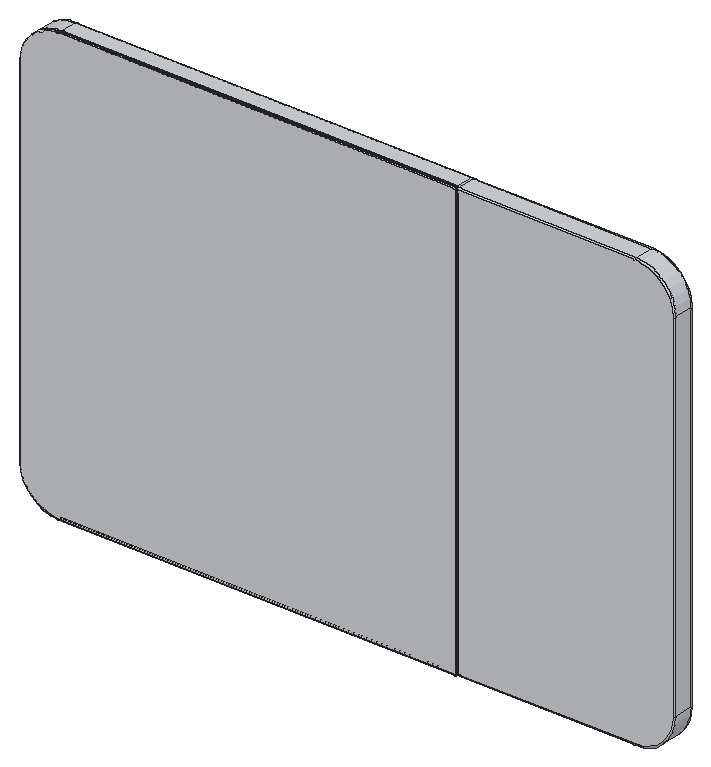
Revit family "70702", category Generic Models, Revit 2017
Family settings
  Can host rebar = No
  Round Connector Dimension = Use Diameter
  Part Type = Normal
  Work Plane-Based = No
  Always vertical = Yes
  Cut with Voids When Loaded = No
  Shared = No
  Room Calculation Point = No
Parameters
  Textile = none
  Glass = none
Reference planes
  plane 1 "Center (Front/Back)": y = 0
  plane 2: z = 0
  plane 3 "Center (Left/Right)": x = 0
  plane 4: z = 1000
  plane 5: x = -750
  plane 6: x = 750
  plane 7: x = -250
  plane 8: y = 50
  plane 9: y = 5
Forms (mm)
  Extrusion 1, solid, material <- "Textile", not visible
    sketch origin (0, 0, 0) x (1, 0, 0) y (0, 0, 1)
      loop
        arc (-660, 1000) -> (-723.64, 973.64) -> (-750, 910) r 90
        line (-750, 910) -> (-750, 90)
        arc (-750, 90) -> (-723.64, 26.36) -> (-660, 0) r 90
        line (-660, 0) -> (-250, 0) -> (-250, 1000) -> (-660, 1000)
    from -50 to 0
  Sweep 2, void, not visible
    path origin (0, 0, 0) x (1, 0, 0) y (0, 0, 1)
      loop
        line (-250, 1000) -> (-660, 1000)
        arc (-660, 1000) -> (-723.64, 973.64) -> (-750, 910) r 90
        line (-750, 910) -> (-750, 90)
        arc (-750, 90) -> (-723.64, 26.36) -> (-660, 0) r 90
        line (-660, 0) -> (-250, 0) -> (-250, 1000)
    profile origin (-455, 0, 1000) x (0, 0, -1) y (0, -1, 0)
      loop
        line (0, 0) -> (0, -3)
        arc (0, -3) -> (0.879, -0.879) -> (3, 0) r 3
        line (3, 0) -> (0, 0)
  Sweep 3, void, not visible
    path origin (-1625.009, 50, 1200) x (-1, 0, 0) y (0, 0, 1)
      loop
        line (-965.009, -200) -> (-1375.009, -200) -> (-1375.009, -1200) -> (-965.009, -1200)
        arc (-965.009, -1200) -> (-901.369, -1173.64) -> (-875.009, -1110) r 90
        line (-875.009, -1110) -> (-875.009, -290)
        arc (-875.009, -290) -> (-901.369, -226.36) -> (-965.009, -200) r 90
    profile origin (-455, 50, 1000) x (0, 0, -1) y (0, 1, 0)
      loop
        line (0, 0) -> (0, -3)
        arc (0, -3) -> (0.879, -0.879) -> (3, 0) r 3
        line (3, 0) -> (0, 0)
  Sweep 4, void, not visible
    path origin (-250, -1524, 1234.272) x (0, 0, 1) y (0, -1, 0)
      loop
        line (-234.272, -1524) -> (-1234.272, -1524) -> (-1234.272, -1574) -> (-234.272, -1574) -> (-234.272, -1524)
    profile origin (-250, 25, 1000) x (0, 0, 1) y (1, 0, 0)
      loop
        line (0, 0) -> (-3, 0)
        arc (-3, 0) -> (-0.879, -0.879) -> (0, -3) r 3
        line (0, -3) -> (0, 0)
  Extrusion 5, solid, material <- "Textile", not visible
    sketch origin (-1625.009, 50, 1200) x (-1, 0, 0) y (0, 0, 1)
      loop
        arc (-2285.009, -200) -> (-2348.649, -226.36) -> (-2375.009, -290) r 90
        line (-2375.009, -290) -> (-2375.009, -1110)
        arc (-2375.009, -1110) -> (-2348.649, -1173.64) -> (-2285.009, -1200) r 90
        line (-2285.009, -1200) -> (-1375.009, -1200) -> (-1375.009, -200) -> (-2285.009, -200)
    from -45 to 0
  Sweep 6, void, not visible
    path origin (-1625.009, 50, 1200) x (-1, 0, 0) y (0, 0, 1)
      loop
        line (-1375.009, -200) -> (-2285.009, -200)
        arc (-2285.009, -200) -> (-2348.649, -226.36) -> (-2375.009, -290) r 90
        line (-2375.009, -290) -> (-2375.009, -1110)
        arc (-2375.009, -1110) -> (-2348.649, -1173.64) -> (-2285.009, -1200) r 90
        line (-2285.009, -1200) -> (-1375.009, -1200) -> (-1375.009, -200)
    profile origin (205, 50, 1000) x (0, 0, -1) y (0, 1, 0)
      loop
        line (0, 0) -> (0, -3)
        arc (0, -3) -> (0.879, -0.879) -> (3, 0) r 3
        line (3, 0) -> (0, 0)
  Sweep 7, void, not visible
    path origin (-320.53, 5, 1200) x (-1, 0, 0) y (0, 0, 1)
      loop
        line (-70.53, -200) -> (-980.53, -200)
        arc (-980.53, -200) -> (-1044.169, -226.36) -> (-1070.53, -290) r 90
        line (-1070.53, -290) -> (-1070.53, -1110)
        arc (-1070.53, -1110) -> (-1044.169, -1173.64) -> (-980.53, -1200) r 90
        line (-980.53, -1200) -> (-70.53, -1200) -> (-70.53, -200)
    profile origin (205, 5, 1000) x (0, 0, -1) y (0, 1, 0)
      loop
        line (0, 0) -> (3, 0)
        arc (3, 0) -> (0.879, 0.879) -> (0, 3) r 3
        line (0, 3) -> (0, 0)
  Sweep 8, void, not visible
    path origin (-250, -1524, 1234.272) x (0, 0, 1) y (0, -1, 0)
      loop
        line (-234.272, -1529) -> (-1234.272, -1529) -> (-1234.272, -1574) -> (-234.272, -1574) -> (-234.272, -1529)
    profile origin (-250, 27.5, 1000) x (0, 0, 1) y (1, 0, 0)
      loop
        line (0, 0) -> (0, 3)
        arc (0, 3) -> (-0.879, 0.879) -> (-3, 0) r 3
        line (-3, 0) -> (0, 0)
  Extrusion 9, solid, material <- "Glass", not visible
    sketch origin (-320.53, 5, 1200) x (-1, 0, 0) y (0, 0, 1)
      loop
        arc (-980.53, -200) -> (-1044.169, -226.36) -> (-1070.53, -290) r 90
        line (-1070.53, -290) -> (-1070.53, -1110)
        arc (-1070.53, -1110) -> (-1044.169, -1173.64) -> (-980.53, -1200) r 90
        line (-980.53, -1200) -> (-70.53, -1200) -> (-70.53, -200) -> (-980.53, -200)
    from -5 to 0
  Sweep 10, void, not visible
    path origin (-320.53, 5, 1200) x (-1, 0, 0) y (0, 0, 1)
      loop
        line (-70.53, -200) -> (-980.53, -200)
        arc (-980.53, -200) -> (-1044.169, -226.36) -> (-1070.53, -290) r 90
        line (-1070.53, -290) -> (-1070.53, -1110)
        arc (-1070.53, -1110) -> (-1044.169, -1173.64) -> (-980.53, -1200) r 90
        line (-980.53, -1200) -> (-70.53, -1200) -> (-70.53, -200)
    profile origin (205, 5, 1000) x (0, 0, -1) y (0, 1, 0)
      loop
        line (0, 0) -> (0, -1)
        arc (0, -1) -> (0.293, -0.293) -> (1, 0) r 1
        line (1, 0) -> (0, 0)
  Sweep 11, void, not visible
    path origin (0, 0, 0) x (1, 0, 0) y (0, 0, 1)
      loop
        line (-250, 1000) -> (-250, 0) -> (660, 0)
        arc (660, 0) -> (723.64, 26.36) -> (750, 90) r 90
        line (750, 90) -> (750, 910)
        arc (750, 910) -> (723.64, 973.64) -> (660, 1000) r 90
        line (660, 1000) -> (-250, 1000)
    profile origin (205, 0, 1000) x (0, 0, 1) y (0, -1, 0)
      loop
        line (0, 0) -> (-1, 0)
        arc (-1, 0) -> (-0.293, -0.293) -> (0, -1) r 1
        line (0, -1) -> (0, 0)
  Sweep 12, void, not visible
    path origin (-250, -1524, 1234.272) x (0, 0, 1) y (0, -1, 0)
      loop
        line (-234.272, -1529) -> (-234.272, -1524) -> (-1234.272, -1524) -> (-1234.272, -1529) -> (-234.272, -1529)
    profile origin (-250, 2.5, 1000) x (0, 0, -1) y (1, 0, 0)
      loop
        arc (1, 0) -> (0.293, 0.293) -> (0, 1) r 1
        line (0, 1) -> (-1, 1) -> (-1, -1) -> (1, -1) -> (1, 0)
  Extrusion 13, solid, material <- "Textile"
    sketch origin (-1500, 0, 0) x (1, 0, 0) y (0, 0, 1)
      loop
        line (2160, 1000) -> (1750, 1000) -> (1750, 0) -> (2160, 0)
        arc (2160, 0) -> (2223.64, 26.36) -> (2250, 90) r 90
        line (2250, 90) -> (2250, 910)
        arc (2250, 910) -> (2223.64, 973.64) -> (2160, 1000) r 90
    from -50 to 0
  Sweep 14, void
    path origin (-1500, 0, 0) x (1, 0, 0) y (0, 0, 1)
      loop
        line (1750, 1000) -> (1750, 0) -> (2160, 0)
        arc (2160, 0) -> (2223.64, 26.36) -> (2250, 90) r 90
        line (2250, 90) -> (2250, 910)
        arc (2250, 910) -> (2223.64, 973.64) -> (2160, 1000) r 90
        line (2160, 1000) -> (1750, 1000)
    profile origin (455, 0, 1000) x (0, 0, 1) y (0, -1, 0)
      loop
        line (0, 0) -> (-3, 0)
        arc (-3, 0) -> (-0.879, -0.879) -> (0, -3) r 3
        line (0, -3) -> (0, 0)
  Sweep 15, void
    path origin (-3125.009, 50, 1200) x (-1, 0, 0) y (0, 0, 1)
      loop
        arc (-3785.009, -200) -> (-3848.649, -226.36) -> (-3875.009, -290) r 90
        line (-3875.009, -290) -> (-3875.009, -1110)
        arc (-3875.009, -1110) -> (-3848.649, -1173.64) -> (-3785.009, -1200) r 90
        line (-3785.009, -1200) -> (-3375.009, -1200) -> (-3375.009, -200) -> (-3785.009, -200)
    profile origin (455, 50, 1000) x (0, 0, 1) y (0, 1, 0)
      loop
        line (0, 0) -> (-3, 0)
        arc (-3, 0) -> (-0.879, -0.879) -> (0, -3) r 3
        line (0, -3) -> (0, 0)
  Sweep 16, void
    path origin (-250, -1524, 1234.272) x (0, 0, 1) y (0, -1, 0)
      loop
        line (-234.272, -1524) -> (-1234.272, -1524) -> (-1234.272, -1574) -> (-234.272, -1574) -> (-234.272, -1524)
    profile origin (1750, 25, 1000) x (0, 0, 1) y (1, 0, 0)
      loop
        line (0, -1500) -> (0, -1497)
        arc (0, -1497) -> (-0.879, -1499.121) -> (-3, -1500) r 3
        line (-3, -1500) -> (0, -1500)
  Extrusion 17, solid, material <- "Textile"
    sketch origin (-3125.009, 50, 1200) x (-1, 0, 0) y (0, 0, 1)
      loop
        line (-2465.009, -200) -> (-3375.009, -200) -> (-3375.009, -1200) -> (-2465.009, -1200)
        arc (-2465.009, -1200) -> (-2401.369, -1173.64) -> (-2375.009, -1110) r 90
        line (-2375.009, -1110) -> (-2375.009, -290)
        arc (-2375.009, -290) -> (-2401.369, -226.36) -> (-2465.009, -200) r 90
    from -45 to 0
  Sweep 18, void
    path origin (-3125.009, 50, 1200) x (-1, 0, 0) y (0, 0, 1)
      loop
        line (-3375.009, -200) -> (-3375.009, -1200) -> (-2465.009, -1200)
        arc (-2465.009, -1200) -> (-2401.369, -1173.64) -> (-2375.009, -1110) r 90
        line (-2375.009, -1110) -> (-2375.009, -290)
        arc (-2375.009, -290) -> (-2401.369, -226.36) -> (-2465.009, -200) r 90
        line (-2465.009, -200) -> (-3375.009, -200)
    profile origin (-205, 50, 1000) x (0, 0, 1) y (0, 1, 0)
      loop
        line (0, 0) -> (-3, 0)
        arc (-3, 0) -> (-0.879, -0.879) -> (0, -3) r 3
        line (0, -3) -> (0, 0)
  Sweep 19, void
    path origin (-1820.53, 5, 1200) x (-1, 0, 0) y (0, 0, 1)
      loop
        line (-2070.53, -200) -> (-2070.53, -1200) -> (-1160.53, -1200)
        arc (-1160.53, -1200) -> (-1096.89, -1173.64) -> (-1070.53, -1110) r 90
        line (-1070.53, -1110) -> (-1070.53, -290)
        arc (-1070.53, -290) -> (-1096.89, -226.36) -> (-1160.53, -200) r 90
        line (-1160.53, -200) -> (-2070.53, -200)
    profile origin (-205, 5, 1000) x (0, 0, 1) y (0, 1, 0)
      loop
        line (0, 0) -> (0, 3)
        arc (0, 3) -> (-0.879, 0.879) -> (-3, 0) r 3
        line (-3, 0) -> (0, 0)
  Sweep 20, void
    path origin (-250, -1524, 1234.272) x (0, 0, 1) y (0, -1, 0)
      loop
        line (-234.272, -1529) -> (-1234.272, -1529) -> (-1234.272, -1574) -> (-234.272, -1574) -> (-234.272, -1529)
    profile origin (1750, 27.5, 1000) x (0, 0, 1) y (1, 0, 0)
      loop
        line (0, -1500) -> (-3, -1500)
        arc (-3, -1500) -> (-0.879, -1500.879) -> (0, -1503) r 3
        line (0, -1503) -> (0, -1500)
  Extrusion 21, solid, material <- "Glass"
    sketch origin (-1820.53, 5, 1200) x (-1, 0, 0) y (0, 0, 1)
      loop
        line (-1160.53, -200) -> (-2070.53, -200) -> (-2070.53, -1200) -> (-1160.53, -1200)
        arc (-1160.53, -1200) -> (-1096.89, -1173.64) -> (-1070.53, -1110) r 90
        line (-1070.53, -1110) -> (-1070.53, -290)
        arc (-1070.53, -290) -> (-1096.89, -226.36) -> (-1160.53, -200) r 90
    from -5 to 0
  Sweep 22, void
    path origin (-1820.53, 5, 1200) x (-1, 0, 0) y (0, 0, 1)
      loop
        line (-2070.53, -200) -> (-2070.53, -1200) -> (-1160.53, -1200)
        arc (-1160.53, -1200) -> (-1096.89, -1173.64) -> (-1070.53, -1110) r 90
        line (-1070.53, -1110) -> (-1070.53, -290)
        arc (-1070.53, -290) -> (-1096.89, -226.36) -> (-1160.53, -200) r 90
        line (-1160.53, -200) -> (-2070.53, -200)
    profile origin (-205, 5, 1000) x (0, 0, 1) y (0, 1, 0)
      loop
        arc (-1, 0) -> (-0.293, -0.293) -> (0, -1) r 1
        line (0, -1) -> (1, -1) -> (1, 1) -> (-1, 1) -> (-1, 0)
  Sweep 23, void
    path origin (-1500, 0, 0) x (1, 0, 0) y (0, 0, 1)
      loop
        line (1750, 1000) -> (840, 1000)
        arc (840, 1000) -> (776.36, 973.64) -> (750, 910) r 90
        line (750, 910) -> (750, 90)
        arc (750, 90) -> (776.36, 26.36) -> (840, 0) r 90
        line (840, 0) -> (1750, 0) -> (1750, 1000)
    profile origin (-205, 0, 1000) x (0, 0, -1) y (0, -1, 0)
      loop
        line (0, 0) -> (0, -1)
        arc (0, -1) -> (0.293, -0.293) -> (1, 0) r 1
        line (1, 0) -> (0, 0)
  Sweep 24, void
    path origin (-250, -1524, 1234.272) x (0, 0, 1) y (0, -1, 0)
      loop
        line (-234.272, -1529) -> (-234.272, -1524) -> (-1234.272, -1524) -> (-1234.272, -1529) -> (-234.272, -1529)
    profile origin (1750, 2.5, 1000) x (0, 0, -1) y (1, 0, 0)
      loop
        line (1, -1500) -> (1, -1499) -> (-1, -1499) -> (-1, -1501) -> (0, -1501)
        arc (0, -1501) -> (0.293, -1500.293) -> (1, -1500) r 1
Cuts and joins
  Sweep 14, Sweep 15, Sweep 16 cuts Extrusion 13
  Sweep 14, Sweep 19, Sweep 22, Sweep 23, Sweep 24 cuts Extrusion 21
  Sweep 15, Sweep 18, Sweep 19, Sweep 20 cuts Extrusion 17
Dimensions and locks
  aligned and locked: level to plane 2
